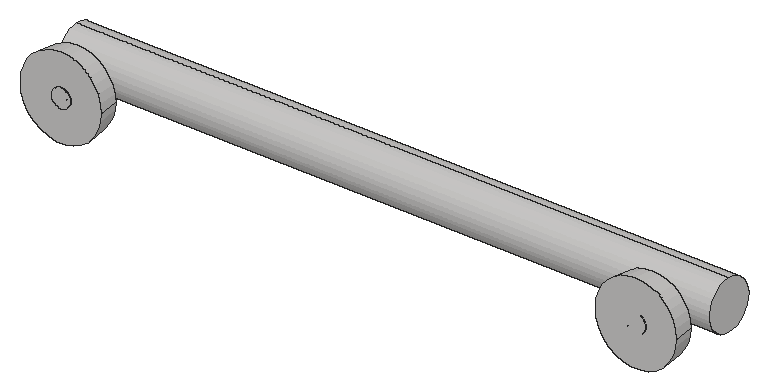
Revit family "Krome C9021-C9028 CP seris", category Pipe Fittings, Revit 2018
Family settings
  Round Connector Dimension = Use Diameter
  Part Type = Elbow
  Work Plane-Based = No
  Always vertical = Yes
  Cut with Voids When Loaded = No
  Shared = No
Parameters (values of type "C9025-CP-30"  Balance Grab Bar Polished Chrome")
  tube dia 2 [instance] = 0' - 2.52"
  base depth [instance] = 0' - 1"
  Weight (kgs) = "1.06"
  URL = "https://kromedispense.co.in/"
  Tube Dia [instance] = 0' - 1"
  Model = "C9021 - CP Series"
  Grab Bar space [instance] = 0' - 2 3/4"
  Grab Bar Material [instance] = Stainless Steel
  Grab Bar Length [instance] = 2' - 6"
Types (8): name | Weight (kgs) | Tube Dia | Grab Bar Material | Grab Bar Length
  C9022-CP-16"  Balance Grab Bar Polished Chrome | ".79" | 0' - 1 67/256" | none | 1' - 4"
  C9021-CP-12"  Balance Grab Bar Polished Chrome | "0.71" | 0' - 1 67/256" | none | 1' - 0"
  C9026-CP-36"  Balance Grab Bar Polished Chrome | "1.18" | 0' - 1 67/256" | none | 3' - 0"
  C9024-CP-24"  Balance Grab Bar Polished Chrome | ".94" | 0' - 1 67/256" | none | 2' - 0"
  C9023-CP-18"  Balance Grab Bar Polished Chrome | "0.83" | 0' - 1 67/256" | Stainless Steel | 1' - 6"
  C9028-CP-48"  Balance Grab Bar Polished Chrome | "1.42" | 0' - 1" | Stainless Steel | 4' - 0"
  C9027-CP-42"  Balance Grab Bar Polished Chrome | "1.3" | 0' - 1" | Stainless Steel | 3' - 6"
  C9025-CP-30"  Balance Grab Bar Polished Chrome | "1.06" | 0' - 1" | Stainless Steel | 2' - 6"
Reference planes (in)
  plane 1: y = 33.3
  plane 2 "Center (Left/Right)": x = 0
  plane 3 "Wall Edge": y = 6.05
  plane 4 "Grab Bar hight": z = 30
  plane 5: x = -30
  plane 6 "WALL FACE": y = 3.8
  plane 7 "Base Depth": y = 4.8
  plane 8: x = -32
  plane 9: x = 2
Forms (in)
  Sweep 1, solid, material "Stainless Steel"
    path origin (0, 0, 30) x (1, 0, 0) y (0, 1, 0)
      loop
        line (-30, 3.75296) -> (-30, 7.3)
    profile origin (-30, 5.52648, 30) x (-1, 0, 0) y (0, 0, 1)
      loop
        circle (0, 0) r 0.5
  Blend 2, solid, material "Stainless Steel"
    base sketch origin (0, 3.66914, 0) x (1, 0, 0) y (0, 0, 1)
      loop
        circle (-30, 30) r 2.13
    top sketch origin (0, 3.8, 0) x (1, 0, 0) y (0, 0, 1)
      loop
        circle (-30, 30) r 2
    from -0.08382 to -1
  Blend 3, solid, material "Stainless Steel"
    base sketch origin (0, 3.3, 0) x (1, 0, 0) y (0, 0, 1)
      loop
        circle (0, 30) r 2
    top sketch origin (0, 3.8, 0) x (1, 0, 0) y (0, 0, 1)
      loop
        circle (0, 30) r 2.13
    from -1.5 to 0.04704
  Sweep 4, solid, material "Stainless Steel"
    path origin (47.88367, 0.1807, 30) x (1, 0, 0) y (0, 1, 0)
      loop
        line (-47.88367, 3.57225) -> (-47.88367, 7.1193)
    profile origin (0, 5.52648, 30) x (-1, 0, 0) y (0, 0, 1)
      loop
        circle (0, 0) r 0.5
  Sweep 5, solid, material "Stainless Steel"
    path origin (0, 7.3, 0) x (1, 0, 0) y (0, 0, 1)
      loop
        line (2, 30) -> (-32, 30)
    profile origin (-15, 7.3, 30) x (0, 0, -1) y (0, -1, 0)
      loop
        circle (0, 0) r 1.26
Text (in)
  text "Placement Side" at (0, 40.15149, 123.01588), in view "Right"
  text "Placement Side" at (-70.3804, 28.46503, 0), in view "Ref. Level"
  text "Placement Side" at (0, 81.62555, 140.59947), in view "Left"
Dimensions and locks (in)
  "Grab Bar Length": plane 5 to plane 2 "Center (Left/Right)"
  "base depth": plane 6 "WALL FACE" to plane 7 "Base Depth"
  locked: plane 5 to plane 8 at 2
  locked: plane 9 to plane 2 "Center (Left/Right)" at 2
  "Tube Dia": diameter of Sweep 1 sketch curve
  diameter of var sketch = 0' - 4"
  "Tube Dia": diameter of Sweep 4 sketch curve
  "tube dia 2": diameter of Sweep 5 sketch curve
  aligned and locked: Blend 3 to Blend 2
  aligned and locked: Blend 2 to plane 7 "Base Depth"
  aligned and locked: Blend 2 to Blend 3
  aligned and locked: plane 2 "Center (Left/Right)" to Sweep 4 sketch curve
  aligned and locked: plane 9 to Sweep 5 sketch curve
  aligned and locked: plane 8 to Sweep 5 sketch curve
Automatic sketch dimensions
  Blend 2 sketch curve to plane 4 "Grab Bar hight" = 0' - 0"  (x2)
  Blend 2 sketch curve to plane 5 = 0' - 0"  (x2)
  Blend 3 sketch curve to plane 2 "Center (Left/Right)" = 0' - 0"  (x2)
  Blend 3 sketch curve to plane 4 "Grab Bar hight" = 0' - 0"  (x2)
  Sweep 5 sketch curve to plane 4 "Grab Bar hight" = 0' - 0"
  Sweep 4 sketch curve to plane 2 "Center (Left/Right)" = 0' - 0"
  plane 6 "WALL FACE" to Sweep 4 sketch curve = 0' - 0.04704"
  Sweep 4 sketch curve to plane 3 "Wall Edge" = 0' - 1 1/4"
  Sweep 1 sketch curve to plane 5 = 0' - 0"
  plane 6 "WALL FACE" to Sweep 1 sketch curve = 0' - 0.04704"
  Sweep 1 sketch curve to plane 3 "Wall Edge" = 0' - 1 1/4"
  Sweep 1 sketch curve to plane 4 "Grab Bar hight" = 0' - 0"
  Sweep 1 sketch curve to profile plane = 0' - 0"
  Sweep 4 sketch curve to profile plane = 0' - 0"  (x2)
  Sweep 5 sketch curve to profile plane = 0' - 0"  (x2)
  radius of Blend 2 sketch curve = 0' - 2"
  radius of Blend 3 sketch curve = 0' - 2"
  radius of Blend 3 sketch curve = 0' - 2.13"
  radius of Blend 2 sketch curve = 0' - 2.13"
